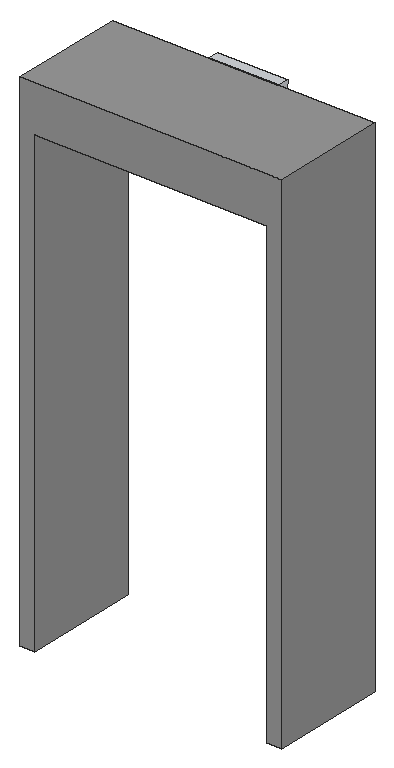
Revit family "АВЛН_Арочный металлодетектор_1000мм", category Мебель, Revit 2019
Family settings
  Номер OmniClass = 23.40.20.00
  Заголовок OmniClass = General Furniture and Specialties
  На основе рабочей плоскости = Нет
  Всегда вертикально = Да
  При загрузке вырезать с полостями = Нет
  Общий = Да
  Точка расчета площади = Нет
Parameters (values of type "Ширина 1000мм")
  Ширина прохода = ADSK_Размер_Ширина - 130 mm  # 1000 mm
  Описание = "Арочный  металлодетектор с увеличенной шириной прохода (1000мм) \r\n85-264 В, 12 Вт, увеличенная ширина прохода, внешние габариты 2200х1130х500 мм, габариты прохода 2000х1000х500 мм"
  Type Comments = ""
  Keynote = ""
  Изготовитель = "ИРА-ПРОМ"
  Группа модели = "Оборудование основных помещений школы"
  Высота прохода = ADSK_Размер_Высота - 200 mm  # 2000 mm
  URL = ""
  ADSK_Размер_Ширина = 1130 mm
  ADSK_Размер_Длина = 500 mm
  ADSK_Размер_Высота = 2200 mm
  ADSK_Обозначение = "Блокпост PC-Z 600/1200/1800 расширенный (1000мм)"
  ADSK_Масса = 44
  ADSK_Код изделия = ""
  ADSK_Единица измерения = "шт"  # constant formula
Reference planes
  plane 1 "По центру (Вперед/Назад)": y = 0
  plane 2: z = 0
  plane 3 "По центру (Влево/Вправо)": x = 0
  plane 4: z = 2200
  plane 5: y = 250
  plane 6: x = 565
  plane 7: x = -565
  plane 8: y = -250
  plane 9: z = 2000
  plane 10: x = -500
  plane 11: x = 500
Forms (mm)
  Extrusion 1, solid, material "Алюминий"
    sketch origin (0, -518.993, 592.976) x (-1, 0, 0) y (0, -1, 0)
      loop
        line (565, -768.993) -> (565, -268.993) -> (500, -268.993) -> (500, -768.993) -> (565, -768.993)
    from -592.976 to 1407.024
  Extrusion 2, solid, material "Алюминий"
    sketch origin (0, -518.993, 592.976) x (1, 0, 0) y (0, 1, 0)
      loop
        line (565, 768.993) -> (500, 768.993) -> (500, 268.993) -> (565, 268.993) -> (565, 768.993)
    from -592.976 to 1407.024
  Extrusion 3, solid, material "Алюминий"
    sketch origin (0, -518.993, 649.679) x (-1, 0, 0) y (0, -1, 0)
      loop
        line (565, -768.993) -> (565, -268.993) -> (-565, -268.993) -> (-565, -768.993) -> (565, -768.993)
    from 1350.321 to 1550.321
  Extrusion 4, solid
    sketch origin (0, 0, 0) x (0, 1, 0) y (0, 0, 1)
      loop
        line (250, 2200) -> (250, 2000) -> (270, 2000) -> (300, 2200) -> (250, 2200)
    from -150 to 150
Cuts and joins
  joined: Extrusion 1, Extrusion 2, Extrusion 3
Dimensions and locks
  plane 2 to plane 4 = 2200 mm
  equal spacing: plane 8, plane 1 "По центру (Вперед/Назад)", plane 5
  equal spacing: plane 7, plane 3 "По центру (Влево/Вправо)", plane 6
  "ADSK_Размер_Ширина": plane 7 to plane 6
  "ADSK_Размер_Длина": plane 5 to plane 8
  "ADSK_Размер_Высота": plane 2 to plane 4
  equal spacing: Extrusion 4, plane 3 "По центру (Влево/Вправо)", Extrusion 4
  Extrusion 4 to Extrusion 4 = 300 mm
  equal spacing: plane 10, plane 3 "По центру (Влево/Вправо)", plane 11
  "Ширина прохода": plane 10 to plane 11
  "Высота прохода": plane 9 to plane 2
  aligned and locked: level to plane 2
  aligned and locked: plane 8 to Extrusion 1 sketch curve
  aligned and locked: Extrusion 1 sketch curve to plane 7
  aligned and locked: Extrusion 1 sketch curve to plane 5
  aligned and locked: Extrusion 2 sketch curve to plane 6
  aligned and locked: Extrusion 2 sketch curve to plane 5
  aligned and locked: plane 8 to Extrusion 2 sketch curve
  aligned and locked: Extrusion 3 sketch curve to Extrusion 2  (x2)
  aligned and locked: plane 9 to Extrusion 3
  aligned and locked: plane 9 to Extrusion 2
  aligned and locked: plane 6 to Extrusion 2
  aligned and locked: plane 9 to Extrusion 1
  aligned and locked: Extrusion 1 to plane 7
  aligned and locked: Extrusion 1 to level
  aligned and locked: Extrusion 2 to plane 2
  aligned and locked: plane 4 to Extrusion 4 sketch curve
  aligned and locked: plane 9 to Extrusion 4 sketch curve
  aligned and locked: Extrusion 4 sketch curve to plane 5
  aligned and locked: plane 10 to Extrusion 1
  aligned and locked: plane 11 to Extrusion 2
  aligned and locked: Extrusion 3 to plane 4
Automatic sketch dimensions
  Extrusion 3 sketch curve to plane 7 = 0 mm
  plane 5 to Extrusion 3 sketch curve = 0 mm
  plane 5 to Extrusion 4 sketch curve = 20 mm
  plane 5 to Extrusion 4 sketch curve = 50 mm
  Extrusion 2 sketch curve to Extrusion 2 sketch curve = 65 mm
  plane 7 to Extrusion 1 sketch curve = 65 mm
